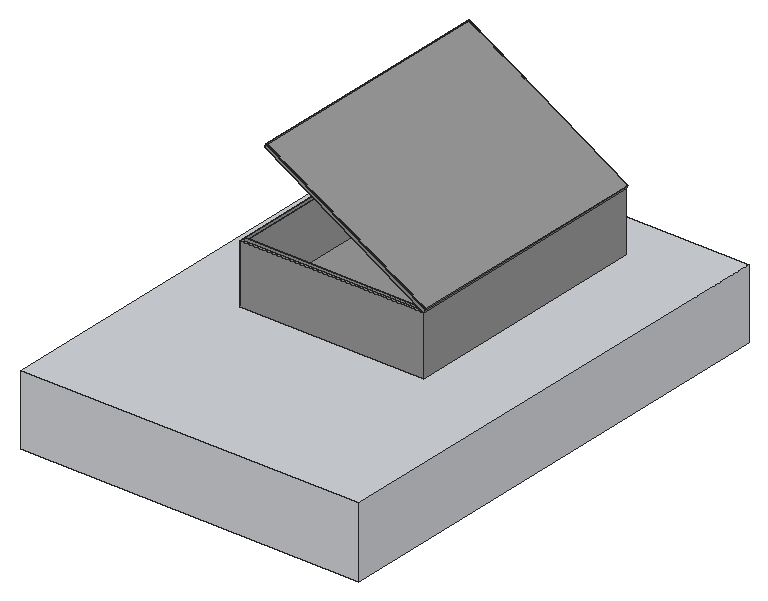
Revit family "Hager-Univers-IP55-D275-H1100-Cl.I-Steel_encl-CH-en", category Equipement électrique, Revit 2020
Family settings
  Hôte = Face
  Configuration du panneau = Deux colonnes, circuits au sein
  Cote de connecteur circulaire = Utiliser le diamètre
  Type d'élément = Tableau de raccordement
  Couper avec des vides une fois chargée = Non
  Partagée = Non
  Point de calcul de pièce = Non
Parameters (values of type "Surface mounted (plaster) IP55 W800 H1100 D275  - FR73E")
  Width Control [instance] = if([EF000008 - Width] > Min Width, [EF000008 - Width], Min Width)  # 800 mm
  Commentaires du type = [HG000003 - Range]  # "Univers"
  Thickness Door [instance] = if([EF009171 - Material plate thickness door/cover] > 3 mm, 3 mm, [EF009171 - Material plate thickness door/cover])  # 1.5 mm
  Seal Frame Offset [instance] = 17 mm  # constant formula
  Plinth Visibility [instance] = [HG000027 - Plinth height] > 0 mm  # no
  Model = ""
  Min Width [instance] = 100 mm  # constant formula
  Min Height [instance] = 100 mm  # constant formula
  Min Depth [instance] = (2 * [EF009170 - Material plate thickness cabinet]) + 1 mm  # 4 mm
  Internal Frame Depth [instance] = (Door System Depth * 0.5)  # 9 mm
  Height Control [instance] = if([EF000040 - Height] > Min Height, [EF000040 - Height], Min Height)  # 1100 mm
  HG000027 - Plinth height = 0 mm
  HG000026 - Floor standing = no
  HG000024 - Bottom section height = 800 mm
  HG000023 - Double section enclosure = no
  HG000016 - Door 3d visibility [instance] = yes
  HG000015 - Clearance visibility [instance] = no
  HG000014 - Door on the right [instance] = yes
  HG000013 - Door on the left [instance] = not([HG000014 - Door on the right])  # no
  HG000012 - Door swing angle [instance] = 30.00°
  HG000010 - Asymmetric doors = no
  HG000009 - Double swing door = no
  HG000006 - Flush mounted = no
  HG000004 - Manufacturer reference = "FR73E"
  HG000003 - Range = "Univers"
  HG000002 - With door or cover = yes
  Frame Offset Bottom [instance] = 10 mm  # constant formula
  Frame Offset [instance] = 15 mm  # constant formula
  EF015940 - Cover with overpressure release = no
  EF011959 - Degree of protection (NEMA) = ""
  EF009554 - Number of openings for flange plates = 6
  EF009212 - Cover model = "EV000116 - Closed"
  EF009171 - Material plate thickness door/cover = 1.5 mm
  EF009170 - Material plate thickness cabinet = 1.5 mm
  Fabricant = "Hager"  # constant formula
  EF008873 - Nominal current (In) = 800 A
  EF007800 - Suitable for lightning protection = no
  EF006306 - With lock = no
  EF006244 - Transparent cover/door = no
  EF005474 - Degree of protection (IP) = "EV006420 - IP55"
  EF004464 - Type of door = "EV002646 - Single"
  EF004427 - Number of modules = 252
  EF004293 - Impact strength = "EV008784 - IK10"
  EF003532 - Suitable for outdoor use = no
  EF002950 - Width in number of modular spacings = 24
  EF001613 - Circuit integrity = "EV000494 - None"
  EF001596 - Material housing = "EV000179 - Steel"
  EF001131 - Internal depth = 275 mm
  EF001088 - Extension possible = yes
  EF000437 - Number of conduit inlets = 6
  EF000339 - Type of cover = "EV004216 - Door"
  EF000266 - Number of rows = 7
  EF000218 - Built-in depth = 0 mm
  EF000118 - With mounting plate = no
  EF000116 - RAL-number = "7035"
  EF000049 - Depth = 275 mm
  EF000040 - Height = 1100 mm
  EF000008 - Width = 800 mm
  EF000007 - Colour = "EV000270 - Grey"
  EF000003 - Mounting method = "EV000384 - Surface mounted (plaster)"
  Door System Leaf Tolerance [instance] = 1.5 mm  # constant formula
  Door System Depth [instance] = 18 mm  # constant formula
  Door Height [instance] = Height Control - [HG000027 - Plinth height]  # 1100 mm
  Depth Control [instance] = if([EF000049 - Depth] > Min Depth, [EF000049 - Depth], Min Depth)  # 275 mm
  Default Elevation = 0 mm
  Connector Offset [instance] = Height Control / 2  # 550 mm
  Bottom Top Plate Trim [instance] = 1.5 mm  # constant formula
  Plinth height Ctrl [instance] = if([HG000027 - Plinth height] > 0 mm, [HG000027 - Plinth height], 12 mm)  # 12 mm
Types (5, lengths in mm): name | Width Control | HG000010 - Asymmetric doors | HG000009 - Double swing door | HG000004 - Manufacturer reference | EF009554 - Number of openings for flange plates | EF004464 - Type of door | EF004427 - Number of modules | EF000437 - Number of conduit inlets | EF000008 - Width
  Surface mounted (plaster) IP55 W1050 H1100 D275  - FR74E | 1050 | no | yes | "FR74E" | 8 | "EV003602 - Double" | 336 | 8 | 1050
  Surface mounted (plaster) IP55 W1300 H1100 D275  - FR75E | 1300 | yes | yes | "FR75E" | 10 | "EV003602 - Double" | 420 | 10 | 1300
  Surface mounted (plaster) IP55 W300 H1100 D275  - FR71E | 300 | no | no | "FR71E" | 2 | "EV002646 - Single" | 84 | 2 | 300
  Surface mounted (plaster) IP55 W550 H1100 D275  - FR72E | 550 | no | no | "FR72E" | 4 | "EV002646 - Single" | 168 | 4 | 550
  Surface mounted (plaster) IP55 W800 H1100 D275  - FR73E | 800 | no | no | "FR73E" | 6 | "EV002646 - Single" | 252 | 6 | 800
Reference planes
  plane 1 "Center (Front/Back)": y = 0
  plane 2: z = 0
  plane 3 "Center (Left/Right)": x = 0
  plane 4: z = 275
  plane 5: y = 1.5
  plane 6: y = 550
  plane 7: y = 0
  plane 8: y = 1100
  plane 9: z = 0
  plane 10: x = -385
  plane 11: x = 385
  plane 12: x = 383.5
  plane 13: x = -383.5
  plane 14: y = 1098.5
  plane 15: x = -383
  plane 16: x = -400
  plane 17: x = 383
  plane 18: x = 400
  plane 19: x = 398.5
  plane 20: x = -398.5
  plane 21: y = 11.5
  plane 22: y = 1100
  plane 23: y = 1083.5
  plane 24: z = 257
  plane 25: z = 1.5
  plane 26: z = 255.5
  plane 27: z = 273.5
Forms (mm)
  Extrusion 1, solid
    sketch origin (0, 0, 0) x (1, 0, 0) y (0, 1, 0)
      loop
        line (-702.964, 1305) -> (-702.964, -811.445) -> (766.763, -811.445) -> (766.763, 1305) -> (-702.964, 1305)
    from 0 to -304.8
  Extrusion 2, solid, material "Hager_Steel_RAL7035_Light_Grey", visible <- "Plinth Visibility", detail levels medium+fine
    sketch origin (0, 0, 0) x (1, 0, 0) y (0, 1, 0)
      loop
        line (-400, 0) -> (400, 0) -> (400, 12) -> (-400, 12) -> (-400, 0)
    from 0 to 257
  Extrusion 3, solid, material "Hager_Steel_RAL7035_Light_Grey", detail levels medium+fine
    sketch origin (0, 0, 0) x (1, 0, 0) y (0, 1, 0)
      loop
        line (-400, 0) -> (400, 0) -> (400, 1100) -> (-400, 1100) -> (-400, 0)
    from 0 to 257
  Extrusion 4, void
    sketch origin (0, 0, 0) x (1, 0, 0) y (0, 1, 0)
      loop
        line (-398.5, 1.5) -> (398.5, 1.5) -> (398.5, 1098.5) -> (-398.5, 1098.5) -> (-398.5, 1.5)
    from 1.5 to 255.5
  Extrusion 5, void
    sketch origin (-381.607, -4572, 257) x (0, -1, 0) y (-1, 0, 0)
      loop
        line (-4583.5, 1.893) -> (-5655.5, 1.893) -> (-5655.5, -765.107) -> (-4583.5, -765.107) -> (-4583.5, 1.893)
    from 0 to 1.5 <- "EF009170 - Material plate thickness cabinet"
  Extrusion 6, solid, material "Hager_Steel_RAL7035_Light_Grey", detail levels fine
    sketch origin (0, 0, 257) x (1, 0, 0) y (0, 1, 0)
      loop
        line (-383.5, 1083.5) -> (-383.5, 11.5) -> (383.5, 11.5) -> (383.5, 1083.5) -> (-383.5, 1083.5)
      loop
        line (-385, 10) -> (385, 10) -> (385, 1085) -> (-385, 1085) -> (-385, 10)
    from 0 to 9 <- "Internal Frame Depth"
  Extrusion 7, solid, material "Hager_Steel_RAL7035_Light_Grey", detail levels coarse
    sketch origin (0, 0, 0) x (1, 0, 0) y (0, 1, 0)
      loop
        line (-400, 0) -> (400, 0) -> (400, 1100) -> (-400, 1100) -> (-400, 0)
    from 0 to 275
  Sweep 8, void
    path in 3D
      loop
        line (-400, 12, 0) -> (400, 12, 0) -> (400, 12, 257) -> (-400, 12, 257) -> (-400, 12, 0)
    profile origin (-400, 12, 128.5) x (-1, 0, 0) y (0, -1, 0)
      loop
        line (0, 0) -> (0, 1.5) -> (-1.5, 1.5)
        arc (-1.5, 1.5) -> (-1.061, 0.439) -> (0, 0) r 1.5
Cuts and joins
  Extrusion 4, Extrusion 5 cuts Extrusion 3
  Sweep 8 cuts Extrusion 2
Lines and regions (mm)
  Masking region 1
    outline origin (0, 0, 0) x (1, 0, 0) y (0, 0, 1)
      loop
        line (-400, 275) -> (-400, 0) -> (400, 0) -> (400, 275) -> (-400, 275)
  Masking region 2, detail levels medium+fine
    outline origin (0, 140, 0) x (0, 1, 0) y (0, 0, 1)
      loop
        line (-140, 0) -> (960, 0) -> (960, 257) -> (-140, 257) -> (-140, 0)
  Masking region 3, not visible, detail levels medium+fine
    outline origin (0, 297.922, 0) x (0, 1, 0) y (0, 0, 1)
      loop
        line (263.578, 0) -> (303.578, 0) -> (303.578, 263.5)
        arc (303.578, 263.5) -> (300.649, 270.571) -> (293.578, 273.5) r 10
        line (293.578, 273.5) -> (263.578, 273.5) -> (263.578, 0)
  Masking region 4, detail levels coarse
    outline origin (0, 0, 180) x (0, 1, 0) y (0, 0, 1)
      loop
        line (0, -180) -> (1100, -180) -> (1100, 95) -> (0, 95) -> (0, -180)
  Masking region 5, visible <- "Plinth Visibility", detail levels medium+fine
    outline origin (0, 52.24, 12.345) x (0, 0, -1) y (0, 1, 0)
      loop
        line (10.845, -40.24) -> (-243.155, -40.24)
        arc (-243.155, -40.24) -> (-243.594, -41.301) -> (-244.655, -41.74) r 1.5
        line (-244.655, -41.74) -> (-244.655, -52.24) -> (12.345, -52.24) -> (12.345, -41.74)
        arc (12.345, -41.74) -> (11.285, -41.301) -> (10.845, -40.24) r 1.5
  Masking region 6, detail levels medium+fine
    outline origin (-381.607, -4572, 257) x (-1, 0, 0) y (0, -1, 0)
      loop
        line (18.393, -5672) -> (18.393, -4572) -> (-781.607, -4572) -> (-781.607, -5672) -> (18.393, -5672)
  Masking region 7, visible <- "Plinth Visibility", detail levels medium+fine
    outline origin (-381.607, -4727, 257) x (-1, 0, 0) y (0, -1, 0)
      loop
        arc (16.893, -4739) -> (17.332, -4737.939) -> (18.393, -4737.5) r 1.5
        line (18.393, -4737.5) -> (18.393, -4727) -> (-781.607, -4727) -> (-781.607, -4737.5)
        arc (-781.607, -4737.5) -> (-780.546, -4737.939) -> (-780.107, -4739) r 1.5
        line (-780.107, -4739) -> (16.893, -4739)
  Masking region 8, detail levels coarse
    outline origin (-442.548, -4669.526, 257) x (-1, 0, 0) y (0, -1, 0)
      loop
        line (-42.548, -5769.526) -> (-42.548, -4669.526) -> (-842.548, -4669.526) -> (-842.548, -5769.526) -> (-42.548, -5769.526)
  sketch lines
    curve 1: line (-400, 12, 257) -> (-400, 12, 0)
    curve 2: line (400, 12, 257) -> (-400, 12, 257)
    curve 3: line (400, 12, 257) -> (400, 12, 0)
    curve 4: line (-400, 12, 0) -> (400, 12, 0)
Dimensions and locks
  "Depth Control": plane 4 to Extrusion 1
  "HG000027 - Plinth height": plane 1 "Center (Front/Back)" to plane 7
  "EF009170 - Material plate thickness cabinet": plane 5 to plane 7
  locked: connector elem to plane 3 "Center (Left/Right)"
  equal spacing: plane 8, plane 6, plane 7
  locked: connector elem to plane 6
  "EF009170 - Material plate thickness cabinet": plane 8 to plane 14
  "EF009170 - Material plate thickness cabinet": plane 10 to plane 13
  "EF009170 - Material plate thickness cabinet": plane 12 to plane 11
  "Frame Offset": plane 20 to plane 13
  "Frame Offset": plane 12 to plane 19
  "EF009170 - Material plate thickness cabinet": plane 16 to plane 20
  "EF009170 - Material plate thickness cabinet": plane 19 to plane 18
  "Seal Frame Offset": plane 16 to plane 15
  "Seal Frame Offset": plane 17 to plane 18
  "Frame Offset Bottom": plane 21 to plane 5
  "Frame Offset": plane 14 to plane 23
  equal spacing: plane 16, plane 3 "Center (Left/Right)", plane 18
  "Width Control": plane 16 to plane 18
  "EF009170 - Material plate thickness cabinet": plane 4 to plane 27
  "EF009170 - Material plate thickness cabinet": plane 24 to plane 26
  "EF009170 - Material plate thickness cabinet": plane 25 to level
  "Door System Depth": plane 4 to plane 24
  "Height Control": plane 1 "Center (Front/Back)" to Extrusion 7 sketch curve
  "Height Control": Masking region 4 sketch curve to plane 1 "Center (Front/Back)"
  "Height Control": plane 1 "Center (Front/Back)" to plane 22
  "Bottom Top Plate Trim": profile plane to Sweep 8 sketch curve
  "Bottom Top Plate Trim": Sweep 8 sketch curve to profile plane
  "Plinth height Ctrl": plane 1 "Center (Front/Back)" to Extrusion 2 sketch curve
  "Plinth height Ctrl": Masking region 5 sketch curve to plane 1 "Center (Front/Back)"
  "Plinth height Ctrl": plane 1 "Center (Front/Back)" to Masking region 7 sketch curve
  "Thickness Door": Extrusion 6 sketch curve to Extrusion 6 sketch curve  (x3)
  "Thickness Door": cut or joined group of Extrusion 3, Extrusion 4, Extrusion 5 to Extrusion 6 sketch curve
  radius of Masking region 3 sketch curve = 10 mm
  "Bottom Top Plate Trim": radius of Masking region 5 sketch curve  (x2)
  "Bottom Top Plate Trim": radius of Sweep 8 sketch curve
  "Bottom Top Plate Trim": radius of Masking region 7 sketch curve  (x2)
  aligned and locked: plane 2 to Extrusion 1
  aligned and locked: level to Extrusion 1
  aligned and locked: level to Masking region 1 sketch curve
  aligned and locked: Masking region 1 sketch curve to plane 18
  aligned and locked: Masking region 1 sketch curve to plane 16
  aligned and locked: plane 7 to Masking region 2 sketch curve
  aligned and locked: level to Masking region 3 sketch curve
  aligned and locked: Masking region 3 sketch curve to plane 27
  aligned and locked: level to Masking region 2 sketch curve
  aligned and locked: plane 1 "Center (Front/Back)" to Extrusion 2 sketch curve
  aligned and locked: Extrusion 3 sketch curve to plane 7
  aligned and locked: plane 16 to Extrusion 3 sketch curve
  aligned and locked: plane 18 to Extrusion 3 sketch curve
  aligned and locked: plane 20 to Extrusion 4 sketch curve
  aligned and locked: plane 19 to Extrusion 4 sketch curve
  aligned and locked: Extrusion 4 sketch curve to plane 5
  aligned and locked: Extrusion 4 to plane 25
  aligned and locked: plane 26 to Extrusion 4
  aligned and locked: plane 24 to Extrusion 3
  aligned and locked: Extrusion 5 sketch curve to plane 21
  aligned and locked: Extrusion 5 sketch curve to plane 13
  aligned and locked: Extrusion 5 sketch curve to plane 12
  aligned and locked: plane 18 to Extrusion 7 sketch curve
  aligned and locked: plane 1 "Center (Front/Back)" to Extrusion 7 sketch curve
  aligned and locked: plane 16 to Extrusion 7 sketch curve
  aligned and locked: plane 4 to Extrusion 7
  aligned and locked: Extrusion 7 to level
  aligned and locked: level to Masking region 4 sketch curve
  aligned and locked: Masking region 4 sketch curve to plane 1 "Center (Front/Back)"
  aligned and locked: Masking region 4 sketch curve to plane 4
  aligned and locked: nested 1 to level
  aligned and locked: nested 1 to plane 16
  aligned and locked: plane 8 to Extrusion 3 sketch curve
  aligned and locked: plane 23 to Extrusion 5 sketch curve
  aligned and locked: plane 14 to Extrusion 4 sketch curve
  aligned and locked: Masking region 2 sketch curve to plane 8
  aligned and locked: level to Masking region 5 sketch curve
  aligned and locked: plane 16 to Extrusion 2 sketch curve
  aligned and locked: plane 18 to Extrusion 2 sketch curve
  aligned and locked: Masking region 5 sketch curve to plane 24
  aligned and locked: Masking region 2 sketch curve to plane 24
  aligned and locked: plane 24 to Extrusion 2
  aligned and locked: profile plane to Sweep 8 sketch curve  (x2)
  aligned and locked: Masking region 6 sketch curve to plane 18
  aligned and locked: Masking region 6 sketch curve to plane 22
  aligned and locked: Masking region 6 sketch curve to plane 16
  aligned and locked: plane 8 to plane 22
  aligned and locked: Masking region 6 sketch curve to plane 7
  aligned and locked: Masking region 7 sketch curve to plane 16
  aligned and locked: Masking region 7 sketch curve to plane 1 "Center (Front/Back)"
  aligned and locked: Masking region 7 sketch curve to plane 18
  aligned and locked: Masking region 8 sketch curve to plane 1 "Center (Front/Back)"
  aligned and locked: Masking region 8 sketch curve to plane 18
  aligned and locked: Masking region 8 sketch curve to plane 22
  aligned and locked: Masking region 8 sketch curve to plane 16
  aligned and locked: nested 2 to plane 7
  aligned and locked: plane 3 "Center (Left/Right)" to nested 2
  aligned and locked: nested 2 to plane 24
  aligned and locked: Extrusion 6 sketch curve to cut or joined group of Extrusion 3, Extrusion 4, Extrusion 5  (x4)
Automatic sketch dimensions
  Extrusion 1 sketch curve to Extrusion 1 sketch curve = 1469.727 mm
  Extrusion 1 sketch curve to Extrusion 1 sketch curve = 2116.445 mm
  Masking region 1 sketch curve to plane 4 = 0 mm
  plane 6 to Masking region 3 sketch curve = 11.5 mm
  Masking region 3 sketch curve to Masking region 3 sketch curve = 30 mm
  Masking region 5 sketch curve to plane 1 "Center (Front/Back)" = 0 mm
Nested families
  nested 1: "Hager_Enclosure_Symbol" at (-400, 0, 0) x (1, 0, 0) z (0, -1, 0), Height <- "Depth Control", Width <- "Width Control", type "Hager_Enclosure_Symbol"
    with Width_Ctrl 800 mm, Width 800 mm, Height_Ctrl 275 mm, Height 275 mm, A_Width_Int 18.047 mm, A_Width 216.562 mm, A_Height_Ctrl 240.625 mm, A_Height 240.625 mm
  nested 2: "EC000058_Univers_Door" at (0, 0, 257) x (1, 0, 0) z (0, 1, 0), Leaf_Tolerance <- "Door System Leaf Tolerance", Angle <- "HG000012 - Door swing angle", Door_Depth <- "Door System Depth", Door_Left <- "HG000013 - Door on the left", Transparent <- "EF006244 - Transparent cover/door", Assymetrical <- "HG000010 - Asymmetric doors", Width <- "Width Control", Clearance <- "HG000015 - Clearance visibility", Double <- "HG000009 - Double swing door", 3d_Door <- "HG000016 - Door 3d visibility", Lock_Visibility <- "EF006306 - With lock", Width_Ctrl <- "Width Control", Door_Right <- "HG000014 - Door on the right", Door <- "HG000002 - With door or cover", Height <- "Door Height", Thickness <- "Thickness Door", type "EC000058_Univers_Door", detail levels medium+fine
    with min_wh 4 mm, Width_Ctrl 800 mm, Width 800 mm, Transparent no, Thickness 1.5 mm, Seal_Material Hager_Rubber, Lock_Visibility no, Lock_Material Hager_Plastic_RAL9005_Jet_Black, Leaf_Width 800 mm, Leaf_Tolerance_External_Sides 0 mm, Leaf_Tolerance 1.5 mm, Leaf_Offset 0 mm, Leaf_Height 1097 mm, Leaf_2_Width 800 mm, Leaf_2_Offset 400 mm, Leaf_1_Width 800 mm, Leaf_1_Offset 400 mm, Height_Ctrl 1100 mm, Height 1100 mm, Glass_Material Hager_Glass, Double_Clearance_Ctrl no, Double no, Door_Right_Ctrl yes, Door_Right yes, Door_Material Hager_Steel_RAL7035_Light_Grey, Door_Left_Ctrl no, Door_Left no, Door_Depth 18 mm, Door yes, Clearance_Material Hager_Clearance, Clearance_Depth 800 mm, Clearance_Ctrl no, Clearance no, Assymetrical no, Angle 30.00°, 3d_Door yes
Connectors
  electrical at (0, 550, 0)
    settings: on plane 9, index 1, voltage 0 V, apparent load 0 VA, apparent load phase1 0 VA, apparent load phase2 0 VA, apparent load phase3 0 VA, power factor 1, load classification "Other", number of poles 1, system type 30, power factor state 1, is connector primary yes, connector utility no, sub classification motor no, connector description ""
Definition of nested family "EC000058_Univers_Door"
  Parameters (values of type "EC000058_Univers_Door")
    min_wh [instance] = (2 * Thickness) + 1 mm  # 11 mm
    Width_Ctrl [instance] = 400 mm
    Width [instance] = 500 mm
    Transparent [instance] = yes
    Thickness [instance] = 5 mm
    Seal_Material [instance] = none
    Lock_Visibility [instance] = yes
    Lock_Material [instance] = none
    Leaf_Width [instance] = if((Width_Ctrl - 2 * Leaf_Tolerance_External_Sides) > 0 mm, (Width_Ctrl - 2 * Leaf_Tolerance_External_Sides), min_wh)  # 400 mm
    Leaf_Tolerance_External_Sides [instance] = 0 mm  # constant formula
    Leaf_Tolerance [instance] = 1.5 mm
    Leaf_Offset [instance] = 0 mm  # constant formula
    Leaf_Height [instance] = if((Height_Ctrl - 2 * Leaf_Tolerance) > 0 mm, (Height_Ctrl - 2 * Leaf_Tolerance), min_wh)  # 497 mm
    Leaf_2_Width [instance] = if(and(and(Double, Assymetrical), Door_Left), (Leaf_Width / 3) - (Leaf_Tolerance / 2), if(and(and(Double, Assymetrical), Door_Right), (Leaf_Width / 3) * 2 - (Leaf_Tolerance / 2), if(and(Double, not(Assymetrical)), (Leaf_Width / 2) - Leaf_Tolerance, Leaf_Width)))  # 400 mm
    Leaf_2_Offset [instance] = if(and(Double, Assymetrical), Leaf_2_Width / 2, if(and(Double, not(Assymetrical)), Leaf_Width / 4, Leaf_Width / 2))  # 200 mm
    Leaf_1_Width [instance] = if(and(and(Double, Assymetrical), Door_Right), (Leaf_Width / 3) - (Leaf_Tolerance / 2), if(and(and(Double, Assymetrical), Door_Left), (Width / 3) * 2 - (Leaf_Tolerance / 2), if(and(Double, not(Assymetrical)), (Leaf_Width / 2) - Leaf_Tolerance, Leaf_Width)))  # 400 mm
    Leaf_1_Offset [instance] = if(and(Double, Assymetrical), Leaf_1_Width / 2, if(and(Double, not(Assymetrical)), Leaf_Width / 4, Leaf_Width / 2))  # 200 mm
    Height_Ctrl [instance] = if(Height > min_wh, Height, min_wh)  # 500 mm
    Height [instance] = 500 mm
    Glass_Material [instance] = none
    Double_Clearance_Ctrl [instance] = and(Double, Clearance)  # no
    Double [instance] = no
    Door_Right_Ctrl [instance] = and(or(Door_Right, Double), Door)  # yes
    Door_Right [instance] = yes
    Door_Material [instance] = none
    Door_Left_Ctrl [instance] = and(or(Door_Left, Double), Door)  # no
    Door_Left [instance] = no
    Door_Depth [instance] = 30 mm
    Door [instance] = yes
    Default Elevation = 1219.2 mm
    Clearance_Material [instance] = none
    Clearance_Depth [instance] = if(Leaf_1_Width > Leaf_2_Width, Leaf_1_Width, Leaf_2_Width)  # 400 mm
    Clearance_Ctrl [instance] = and(not(Double), Clearance)  # yes
    Clearance [instance] = yes
    Assymetrical [instance] = yes
    Angle [instance] = 30.00°
    3d_Door [instance] = yes
  Reference planes
    plane 1 "Center (Front/Back)": y = 0
    plane 2 "Bottom": z = 0
    plane 3 "Center (Left/Right)": x = 0
    plane 4: z = 500
    plane 5: x = -200
    plane 6: x = 200
    plane 7: z = 500
    plane 8: x = -200
    plane 9: z = 0
    plane 10: x = 200
    plane 11: y = 0
    plane 12: z = 1.5
    plane 13: x = -600
    plane 14: y = -400
    plane 15: x = 600
    plane 16: x = 0
    plane 17: x = 0
    plane 18: x = -200
    plane 19: x = 200
    plane 20: z = 498.5
  Forms (mm)
    Extrusion 1, solid, material <- "Clearance_Material", visible <- "Double_Clearance_Ctrl"
      sketch origin (1200, 0, 0) x (1, 0, 0) y (0, 0, -1)
        loop
          line (-1800, -498.5) -> (-600, -498.5) -> (-600, 0) -> (-1800, 0) -> (-1800, -498.5)
      from 0 to -400
  Dimensions and locks
    equal spacing: plane 5, plane 3 "Center (Left/Right)", plane 6
    "Width_Ctrl": plane 5 to plane 6
    "Leaf_Offset": plane 5 to plane 8
    "Leaf_Offset": plane 6 to plane 10
    "Leaf_Offset": plane 9 to level
    "Leaf_Offset": plane 4 to plane 7
    "Height_Ctrl": plane 4 to level
    "Leaf_Tolerance": plane 12 to plane 9
    locked: plane 11 to plane 1 "Center (Front/Back)"
    "Leaf_1_Offset": plane 18 to plane 16
    "Leaf_2_Offset": plane 17 to plane 19
    "Leaf_1_Width": plane 13 to plane 8
    "Leaf_2_Width": plane 10 to plane 15
    "Clearance_Depth": plane 14 to plane 1 "Center (Front/Back)"
    "Leaf_Tolerance_External_Sides": plane 8 to plane 18
    "Leaf_Tolerance_External_Sides": plane 19 to plane 10
    "Leaf_Tolerance": plane 7 to plane 20
    aligned and locked: level to plane 2 "Bottom"
    aligned and locked: nested 1 to plane 16
    aligned and locked: nested 2 to plane 17
    aligned and locked: Extrusion 1 to plane 13
    aligned and locked: plane 15 to Extrusion 1
    aligned and locked: Extrusion 1 to plane 14
    aligned and locked: plane 12 to nested 1
    aligned and locked: nested 2 to plane 12
    aligned and locked: Extrusion 1 to plane 11
    aligned and locked: plane 20 to Extrusion 1
    aligned and locked: nested 2 to plane 11
    aligned and locked: nested 1 to plane 11
  Automatic sketch dimensions
    Extrusion 1 sketch curve to level = 0 mm
    plane 5 to Extrusion 1 sketch curve = 400 mm
    plane 6 to Extrusion 1 sketch curve = 400 mm
    Extrusion 1 sketch curve to plane 4 = 1.5 mm
  Nested families
    nested 1: "EC000058_Univers_Door_Leaf" at (0, 0, 1.5), Width <- "Leaf_1_Width", visible <- "Door_Left_Ctrl", Leaf_Height <- "Leaf_Height", Angle <- "Angle", 3d_Door <- "3d_Door", Transparent <- "Transparent", Clearance Material <- "Clearance_Material", Clearance <- "Clearance_Ctrl", Door_Material <- "Door_Material", Glass_Material <- "Glass_Material", Door_Depth <- "Door_Depth", Lock_Material <- "Lock_Material", Seal_Material <- "Seal_Material", Lock_Visibility <- "Lock_Visibility", Thickness <- "Thickness", type "EC000058_Univers_Door_Leaf"
      with Width 400 mm, Transparent_Glass_Offset 30 mm, Transparent_Ctrl yes, Transparent yes, Thickness 5 mm, Standard no, Seal_Material none, Seal_D2 8 mm, Seal_D1 1 mm, Offset_Internal_Frame 10 mm, Lock_Width 20 mm, Lock_Visibility_3d yes, Lock_Visibility yes, Lock_Thickness_3 3 mm, Lock_Thickness_2 1 mm, Lock_Thickness_1 3 mm, Lock_Radius_Offset_2 16 mm, Lock_Radius_Offset_1 15 mm, Lock_Radius_2 5 mm, Lock_Radius 6 mm, Lock_Offset 5 mm, Lock_Material none, Lock_Height 80 mm, Lock_Cover_Top_Offset_2d 17 mm, Lock_Cover_Height -65 mm, Leaf_Height 497 mm, Internal_Seal_Thickness 8 mm, Internal_Seal_Depth_2 4.5 mm, Internal_Frame_Depth 25 mm, Glass_Thickness -1 mm, Glass_Offset -2 mm, Glass_Material none, Door_Material none, Door_Depth 30 mm, Clearance Material none, Clearance yes, Angle_Ctrl 30.00°, Angle 30.00°, 3d_Door yes
    nested 2: "EC000058_Univers_Door_Leaf" at (0, 0, 1.5) x (-1, 0, 0) z (0, 0, 1), Width <- "Leaf_2_Width", visible <- "Door_Right_Ctrl", Leaf_Height <- "Leaf_Height", Angle <- "Angle", 3d_Door <- "3d_Door", Transparent <- "Transparent", Clearance Material <- "Clearance_Material", Clearance <- "Clearance_Ctrl", Door_Material <- "Door_Material", Glass_Material <- "Glass_Material", Door_Depth <- "Door_Depth", Lock_Material <- "Lock_Material", Seal_Material <- "Seal_Material", Lock_Visibility <- "Lock_Visibility", Thickness <- "Thickness", type "EC000058_Univers_Door_Leaf"
      with Width 400 mm, Transparent_Glass_Offset 30 mm, Transparent_Ctrl yes, Transparent yes, Thickness 5 mm, Standard no, Seal_Material none, Seal_D2 8 mm, Seal_D1 1 mm, Offset_Internal_Frame 10 mm, Lock_Width 20 mm, Lock_Visibility_3d yes, Lock_Visibility yes, Lock_Thickness_3 3 mm, Lock_Thickness_2 1 mm, Lock_Thickness_1 3 mm, Lock_Radius_Offset_2 16 mm, Lock_Radius_Offset_1 15 mm, Lock_Radius_2 5 mm, Lock_Radius 6 mm, Lock_Offset 5 mm, Lock_Material none, Lock_Height 80 mm, Lock_Cover_Top_Offset_2d 17 mm, Lock_Cover_Height -65 mm, Leaf_Height 497 mm, Internal_Seal_Thickness 8 mm, Internal_Seal_Depth_2 4.5 mm, Internal_Frame_Depth 25 mm, Glass_Thickness -1 mm, Glass_Offset -2 mm, Glass_Material none, Door_Material none, Door_Depth 30 mm, Clearance Material none, Clearance yes, Angle_Ctrl 30.00°, Angle 30.00°, 3d_Door yes
  Definition of nested family "EC000058_Univers_Door_Leaf"
    Parameters (values of type "EC000058_Univers_Door_Leaf")
      Width [instance] = 2000 mm
      Transparent_Glass_Offset [instance] = 30 mm
      Transparent_Ctrl [instance] = and(Transparent, [3d_Door])  # yes
      Transparent [instance] = yes
      Thickness [instance] = 5 mm
      Standard [instance] = and(not(Transparent), [3d_Door])  # no
      Seal_Material [instance] = none
      Seal_D2 [instance] = 8 mm  # constant formula
      Seal_D1 [instance] = 1 mm  # constant formula
      Offset_Internal_Frame [instance] = 10 mm  # constant formula
      Lock_Width [instance] = 20 mm  # constant formula
      Lock_Visibility_3d [instance] = and(Lock_Visibility, [3d_Door])  # yes
      Lock_Visibility [instance] = yes
      Lock_Thickness_3 [instance] = 3 mm  # constant formula
      Lock_Thickness_2 [instance] = 1 mm  # constant formula
      Lock_Thickness_1 [instance] = 3 mm  # constant formula
      Lock_Radius_Offset_2 [instance] = Lock_Radius_Offset_1 + 1 mm  # 16 mm
      Lock_Radius_Offset_1 [instance] = 15 mm  # constant formula
      Lock_Radius_2 [instance] = Lock_Radius - 1 mm  # 5 mm
      Lock_Radius [instance] = 6 mm  # constant formula
      Lock_Offset [instance] = 5 mm  # constant formula
      Lock_Material [instance] = none
      Lock_Height [instance] = 80 mm  # constant formula
      Lock_Cover_Top_Offset_2d [instance] = Lock_Radius_Offset_2 + 1 mm  # 17 mm
      Lock_Cover_Height [instance] = -(Lock_Height - Lock_Radius_Offset_1)  # -65 mm
      Leaf_Height [instance] = 2720.336 mm
      Internal_Seal_Thickness [instance] = 8 mm  # constant formula
      Internal_Seal_Depth_2 [instance] = 4.5 mm  # constant formula
      Internal_Frame_Depth [instance] = if(Door_Depth - Thickness > 5 mm, Door_Depth - Thickness, 5 mm)  # 25 mm
      Glass_Thickness [instance] = if(Thickness > 15 mm, Glass_Offset + 10 mm, -1 mm)  # -1 mm
      Glass_Offset [instance] = if(Thickness > 15 mm, -(Thickness + 10 mm) / 2, -2 mm)  # -2 mm
      Glass_Material [instance] = none
      Door_Material [instance] = none
      Door_Depth [instance] = 30 mm
      Default Elevation = 0 mm
      Clearance Material [instance] = none
      Clearance [instance] = yes
      Angle_Ctrl [instance] = if(Angle > 180.00°, 180.00°, Angle)  # 90.00°
      Angle [instance] = 90.00°
      3d_Door [instance] = yes
    Reference planes
      plane 1 "Center (Front/Back)": y = 0
      plane 2: z = 0
      plane 3 "Center (Left/Right)": x = 0
      plane 4: y = 2000
      plane 5: x = -1000
      plane 6: x = 1000
      plane 7: x = -3000
      plane 8: z = 2720.336
      plane 9: z = 30
      plane 10: z = 2690.336
      plane 11: x = 970
      plane 12: x = -970
      plane 13: y = -3
      plane 14: z = 107.833
      plane 15: y = -5
      plane 16: y = -223.314
      plane 17: x = -1000
      plane 18: z = 1360.168
      plane 19: y = 30
    Forms (mm)
      Extrusion 1, solid, material <- "Clearance Material", visible <- "Clearance"
        sketch origin (0, 0, 0) x (1, 0, 0) y (0, 0, 1)
          loop
            line (-3000, 2720.336) -> (-3000, 0) -> (1000, 0) -> (1000, 2720.336) -> (-3000, 2720.336)
        from 0 to -2000
      Extrusion 2, solid, material <- "Door_Material", visible <- "Standard", detail levels medium+fine
        sketch origin (-1000, 0, 0) x (0, 1, 0) y (-1, 0, 0)
          loop
            line (0, 30) -> (0, 25) -> (2000, 25) -> (2000, 30) -> (0, 30)
        from 0 to 2720.336 <- "Leaf_Height"
      Extrusion 3, solid, material <- "Door_Material", visible <- "Transparent_Ctrl", detail levels medium+fine
        sketch origin (-1000, 0, 0) x (0, 1, 0) y (-1, 0, 0)
          loop
            line (0, 25) -> (2000, 25) -> (2000, 30) -> (0, 30) -> (0, 25)
        from 0 to 2720.336 <- "Leaf_Height"
      Extrusion 4, void
        sketch origin (-1025, 2000, 0) x (0, 1, 0) y (0, 0, -1)
          loop
            line (-30, -2690.336) -> (-30, -30) -> (-1970, -30) -> (-1970, -2690.336) -> (-30, -2690.336)
        from 0 to 5 <- "Thickness"
      Sweep 5, solid, material <- "Seal_Material", visible <- "Transparent_Ctrl", detail levels fine
        path in 3D
          loop
            line (-1025, 30, 30) -> (-1025, 30, 2690.336) -> (-1025, 1970, 2690.336) -> (-1025, 1970, 30) -> (-1025, 30, 30)
        profile origin (-1025, 1000, 30) x (1, 0, 0) y (0, 0, 1)
          loop
            line (0, 0) -> (0, -8) -> (1, -8) -> (1, 0) -> (0, 0)
      Extrusion 6, solid, material <- "Glass_Material", visible <- "Transparent_Ctrl", detail levels medium+fine
        sketch origin (-1030, 0, 0) x (0, 1, 0) y (0, 0, -1)
          loop
            line (1970, -2690.336) -> (1970, -30) -> (30, -30) -> (30, -2690.336) -> (1970, -2690.336)
        from -2 <- "Glass_Offset" to -1 <- "Glass_Thickness"
      Extrusion 7, solid, material <- "Door_Material", visible <- "3d_Door", detail levels medium+fine
        sketch origin (-1025, 2000, 0) x (0, -1, 0) y (0, 0, -1)
          loop
            line (0, -2720.336) -> (2000, -2720.336) -> (2000, 0) -> (0, 0) -> (0, -2720.336)
          loop
            line (1995, -5) -> (5, -5) -> (5, -2715.336) -> (1995, -2715.336) -> (1995, -5)
        from 0 to 25 <- "Internal_Frame_Depth"
      Sweep 8, solid, material <- "Seal_Material", visible <- "Transparent_Ctrl", detail levels fine
        path in 3D
          loop
            line (-1025, 0, 0) -> (-1025, 2000, 0) -> (-1025, 2000, 2720.336) -> (-1025, 0, 2720.336) -> (-1025, 0, 0)
        profile origin (-1025, 0, 1360.168) x (1, 0, 0) y (0, 1, 0)
          loop
            line (0, 10) -> (2.975, 10)
            arc (2.975, 10) -> (4.053, 10.447) -> (4.5, 11.525) r 1.525
            line (4.5, 11.525) -> (4.5, 16.527)
            arc (4.5, 16.527) -> (4.069, 17.569) -> (3.027, 18) r 1.473
            line (3.027, 18) -> (0, 18) -> (0, 10)
      Extrusion 9, solid, material <- "Lock_Material", visible <- "Lock_Visibility_3d", detail levels fine
        sketch origin (-1030, 0, 0) x (0, 1, 0) y (0, 0, -1)
          loop
            arc (1993.5, -1400.168) -> (1994.561, -1399.729) -> (1995, -1398.668) r 1.5
            line (1995, -1398.668) -> (1995, -1320.168) -> (1975, -1320.168) -> (1975, -1398.668)
            arc (1975, -1398.668) -> (1975.439, -1399.729) -> (1976.5, -1400.168) r 1.5
            line (1976.5, -1400.168) -> (1993.5, -1400.168)
        from 3 <- "Lock_Thickness_1" to 0
      Blend 10, solid, material <- "Lock_Material", visible <- "Lock_Visibility_3d", detail levels fine
        base sketch origin (-1033, 0, 0) x (0, 1, 0) y (0, 0, -1)
          loop
            line (1975, -1320.168) -> (1975, -1398.668)
            arc (1975, -1398.668) -> (1975.439, -1399.729) -> (1976.5, -1400.168) r 1.5
            line (1976.5, -1400.168) -> (1993.5, -1400.168)
            arc (1993.5, -1400.168) -> (1994.561, -1399.729) -> (1995, -1398.668) r 1.5
            line (1995, -1398.668) -> (1995, -1320.168) -> (1975, -1320.168)
        top sketch origin (-1033, 0, 0) x (0, 1, 0) y (0, 0, -1)
          loop
            line (1976, -1320.168) -> (1976, -1398.668)
            arc (1976, -1398.668) -> (1976.146, -1399.022) -> (1976.5, -1399.168) r 0.5
            line (1976.5, -1399.168) -> (1993.5, -1399.168)
            arc (1993.5, -1399.168) -> (1993.854, -1399.022) -> (1994, -1398.668) r 0.5
            line (1994, -1398.668) -> (1994, -1320.168) -> (1976, -1320.168)
        from 0 to 1 <- "Lock_Thickness_2"
      Blend 11, solid, material <- "Lock_Material", visible <- "Lock_Visibility_3d", detail levels fine
        base sketch origin (-1034, 0, 0) x (0, 1, 0) y (0, 0, -1)
          loop
            line (1978, -1320.168) -> (1978, -1384.168)
            arc (1978, -1384.168) -> (1985, -1391.168) -> (1992, -1384.168) r 7
            line (1992, -1384.168) -> (1992, -1320.168) -> (1978, -1320.168)
        top sketch origin (-1034, 0, 0) x (0, 1, 0) y (0, 0, -1)
          loop
            line (1991, -1320.168) -> (1979, -1320.168) -> (1979, -1383.168)
            arc (1979, -1383.168) -> (1985, -1389.168) -> (1991, -1383.168) r 6
            line (1991, -1383.168) -> (1991, -1320.168)
        from 0 to 3 <- "Lock_Thickness_3"
      Extrusion 12, solid, material <- "Lock_Material", visible <- "Lock_Visibility_3d", detail levels fine
        sketch origin (-1030, 1975, 1320.168) x (1, 0, 0) y (0, -1, 0)
          loop
            line (-7, -19) -> (-7, -1) -> (0, -1) -> (0, 0) -> (-8, 0) -> (-8, -20) -> (0, -20) -> (0, -19) -> (-7, -19)
        from 0 to -65 <- "Lock_Cover_Height"
      Extrusion 13, void
        sketch origin (-1038, 1995, 1320.168) x (-1, 0, 0) y (0, 0, -1)
          loop
            line (-5, -65) -> (0, -65) -> (-5, -60) -> (-5, -65)
        from 0 to 20 <- "Lock_Width"
      Extrusion 14, void
        sketch origin (-1038, 1975, 1320.168) x (0, -1, 0) y (0, 0, -1)
          loop
            circle (-10, -15.995) r 6
          loop
            circle (-10, -15.995) r 5
        from 0 to 2
      Extrusion 15, solid, material <- "Lock_Material", visible <- "Lock_Visibility_3d", detail levels medium
        sketch origin (-1030, 0, 0) x (0, 1, 0) y (0, 0, -1)
          loop
            arc (1993.5, -1400.168) -> (1994.561, -1399.729) -> (1995, -1398.668) r 1.5
            line (1995, -1398.668) -> (1995, -1320.168) -> (1975, -1320.168) -> (1975, -1398.668)
            arc (1975, -1398.668) -> (1975.439, -1399.729) -> (1976.5, -1400.168) r 1.5
            line (1976.5, -1400.168) -> (1993.5, -1400.168)
        from 8 to 0
    Cuts and joins
      Extrusion 4 cuts Extrusion 3
      Extrusion 13, Extrusion 14 cuts Extrusion 9
      Extrusion 14 cuts Blend 11
      Extrusion 13, Extrusion 14 cuts Extrusion 12
      joined: Extrusion 9, Blend 10, Blend 11, Extrusion 12
      Extrusion 14 cuts Extrusion 15
    Lines and regions (mm)
      Masking region 1, visible <- "Lock_Visibility", detail levels fine
        outline origin (0, 0, 0) x (0, 1, 0) y (0, 0, 1)
          loop
            line (30, 1320.168) -> (33, 1320.168) -> (33, 1400.168) -> (30, 1400.168) -> (30, 1320.168)
      Masking region 2, visible <- "Lock_Visibility", detail levels fine
        outline origin (0, 3.143, 0) x (0, 1, 0) y (0, 0, 1)
          loop
            line (29.857, 1354.168) -> (30.857, 1354.168) -> (30.857, 1366.168) -> (29.857, 1366.168) -> (29.857, 1354.168)
      Masking region 3, detail levels medium+fine
        outline origin (0, 0, 0) x (0, 1, 0) y (0, 0, 1)
          loop
            line (0, 0) -> (30, 0) -> (30, 2720.336) -> (0, 2720.336) -> (0, 0)
      Masking region 4, detail levels medium+fine
        outline origin (0, 0, 0) x (1, 0, 0) y (0, 0, 1)
          loop
            line (-1000, 2720.336) -> (-1000, 0) -> (1000, 0) -> (1000, 2720.336) -> (-1000, 2720.336)
      Masking region 5, visible <- "Lock_Visibility", detail levels fine
        outline origin (-47.116, 0, 0) x (1, 0, 0) y (0, 0, 1)
          loop
            arc (1024.616, 1399.168) -> (1023.556, 1398.729) -> (1023.116, 1397.668) r 1.5
            line (1023.116, 1397.668) -> (1023.116, 1320.168) -> (1041.116, 1320.168) -> (1041.116, 1397.668)
            arc (1041.116, 1397.668) -> (1040.677, 1398.729) -> (1039.616, 1399.168) r 1.5
            line (1039.616, 1399.168) -> (1024.616, 1399.168)
      Masking region 6, visible <- "Lock_Visibility", detail levels medium+fine
        outline origin (-25, 0, 0) x (1, 0, 0) y (0, 0, 1)
          loop
            arc (1001.5, 1400.168) -> (1000.439, 1399.729) -> (1000, 1398.668) r 1.5
            line (1000, 1398.668) -> (1000, 1320.168) -> (1020, 1320.168) -> (1020, 1398.668)
            arc (1020, 1398.668) -> (1019.561, 1399.729) -> (1018.5, 1400.168) r 1.5
            line (1018.5, 1400.168) -> (1001.5, 1400.168)
      Masking region 7, visible <- "Lock_Visibility", detail levels fine
        outline origin (-73.735, 0, 0) x (1, 0, 0) y (0, 0, 1)
          loop
            line (1051.735, 1382.168) -> (1065.735, 1382.168) -> (1065.735, 1384.168)
            arc (1065.735, 1384.168) -> (1058.735, 1391.168) -> (1051.735, 1384.168) r 7
            line (1051.735, 1384.168) -> (1051.735, 1382.168)
      Masking region 8, visible <- "Lock_Visibility", detail levels fine
        outline origin (-73.735, 0, 0) x (1, 0, 0) y (0, 0, 1)
          loop
            line (1052.735, 1382.168) -> (1064.735, 1382.168) -> (1064.735, 1383.168)
            arc (1064.735, 1383.168) -> (1058.735, 1389.168) -> (1052.735, 1383.168) r 6
            line (1052.735, 1383.168) -> (1052.735, 1382.168)
      Masking region 9, visible <- "Lock_Visibility", detail levels fine
        outline origin (-25, 0, 0) x (1, 0, 0) y (0, 0, 1)
          loop
            line (1020, 1320.168) -> (1020, 1382.168) -> (1000, 1382.168) -> (1000, 1320.168) -> (1020, 1320.168)
      Masking region 10, detail levels medium+fine
        outline origin (0, 0, 0) x (1, 0, 0) y (0, 0, 1)
          loop
            circle (985, 1335.144) r 6
      Masking region 11, detail levels fine
        outline origin (0, 0, 0) x (1, 0, 0) y (0, 0, 1)
          loop
            circle (985, 1335.144) r 5
      Masking region 12, visible <- "Lock_Visibility", detail levels fine
        outline origin (0, 12.767, 0) x (0, 1, 0) y (0, 0, 1)
          loop
            line (20.233, 1320.168) -> (21.233, 1320.168) -> (21.233, 1399.168) -> (20.233, 1400.168) -> (20.233, 1320.168)
      Masking region 13, visible <- "Lock_Visibility", detail levels fine
        outline origin (0, 13.767, -10) x (0, 1, 0) y (0, 0, 1)
          loop
            line (20.233, 1330.168) -> (23.233, 1330.168) -> (23.233, 1399.168) -> (20.233, 1402.168) -> (20.233, 1330.168)
      Masking region 14, visible <- "Lock_Visibility", detail levels fine
        outline origin (0, 12.767, -10) x (0, 1, 0) y (0, 0, 1)
          loop
            line (20.233, 1330.168) -> (25.233, 1330.168) -> (25.233, 1399.305) -> (20.233, 1394.305) -> (20.233, 1330.168)
      Masking region 15, visible <- "Lock_Visibility", detail levels medium
        outline origin (0, 0, 0) x (0, 1, 0) y (0, 0, 1)
          loop
            line (30, 1320.168) -> (38, 1320.168) -> (38, 1400.168) -> (30, 1400.168) -> (30, 1320.168)
      Masking region 16, visible <- "Lock_Visibility", detail levels fine
        outline origin (-1000, 0, 0) x (0, 1, 0) y (-1, 0, 0)
          loop
            line (1975, 30) -> (1995, 30) -> (1995, 38) -> (1975, 38) -> (1975, 30)
          loop
            line (1979, 37) -> (1976, 37) -> (1976, 34) -> (1978, 34) -> (1979, 37)
          loop
            line (1994, 37) -> (1991, 37) -> (1992, 34) -> (1994, 34) -> (1994, 37)
      Masking region 17, visible <- "Lock_Visibility", detail levels medium
        outline origin (-1000, 0, 0) x (0, 1, 0) y (-1, 0, 0)
          loop
            line (1975, 30) -> (1995, 30) -> (1995, 38) -> (1975, 38) -> (1975, 30)
      symbolic lines
        curve 1: line (1000, 0, 0) -> (-3000, 0, 0)
        curve 2: arc (1000, 0, 0) -> (-1000, 2000, 0) -> (-3000, 0, 0) r 2000
        curve 4: line (-1030, 0, 0) -> (-1030, 2000, 0)
      reference lines
        curve 3: line (-1000, 0, 0) -> (-1000, 2000, 0)
      symbolic lines, detail levels medium+fine
        curve 5: line (-1030, 2000, 0) -> (-1025, 2000, 0)
        curve 7: line (-1025, 0, 0) -> (-1030, 0, 0)
        curve 8: line (-1025, 0, 0) -> (-1000, 0, 0)
        curve 9: line (-1000, 0, 0) -> (-1000, 2000, 0)
        curve 10: line (-1000, 2000, 0) -> (-1025, 2000, 0)
      symbolic lines, detail levels fine
        curve 6: line (-1025, 2000, 0) -> (-1025, 0, 0)
      sketch lines
        curve 11: line (-1025, 0, 2720.336) -> (-1025, 0, 0)
        curve 12: line (-1025, 2000, 0) -> (-1025, 0, 0)
        curve 13: line (-1025, 2000, 2720.336) -> (-1025, 2000, 0)
        curve 14: line (-1025, 0, 2720.336) -> (-1025, 2000, 2720.336)
        curve 15: line (-1025, 1970, 30) -> (-1025, 30, 30)
        curve 16: line (-1025, 30, 30) -> (-1025, 30, 2690.336)
        curve 17: line (-1025, 1970, 2690.336) -> (-1025, 1970, 30)
        curve 18: line (-1025, 30, 2690.336) -> (-1025, 1970, 2690.336)
      symbolic lines, visible <- "Transparent", detail levels medium+fine
        curve 19: line (-970, 0, 2690.336) -> (970, 0, 2690.336)
        curve 20: line (-970, 0, 30) -> (-970, 0, 2690.336)
        curve 21: line (970, 0, 30) -> (-970, 0, 30)
        curve 22: line (970, 0, 2690.336) -> (970, 0, 30)
    Dimensions and locks
      "Width": plane 1 "Center (Front/Back)" to plane 4
      equal spacing: plane 5, plane 3 "Center (Left/Right)", plane 6
      "Width": plane 5 to plane 6
      "Width": plane 7 to plane 5
      "Leaf_Height": plane 8 to level
      "Width": curve 5 to curve 3
      "Width": curve 3 to curve 3
      plane 8 to plane 10 = 30 mm
      plane 9 to level = 30 mm
      plane 12 to plane 5 = 30 mm
      plane 6 to plane 11 = 30 mm
      Extrusion 1 to Extrusion 4 sketch curve = 30 mm
      "Transparent_Glass_Offset": curve 3 to Extrusion 4 sketch curve
      "Transparent_Glass_Offset": Extrusion 4 sketch curve to cut or joined group of Extrusion 3, Extrusion 4  (x2)
      cut or joined group of Extrusion 3, Extrusion 4 to Extrusion 6 sketch curve = 30 mm
      "Transparent_Glass_Offset": cut or joined group of Extrusion 3, Extrusion 4 to Extrusion 4 sketch curve
      "Thickness": curve 6 to curve 4
      "Thickness": Extrusion 7 sketch curve to Extrusion 7 sketch curve  (x4)
      "Door_Depth": curve 4 to curve 3
      "Offset_Internal_Frame": profile plane to Sweep 8 sketch curve
      "Internal_Seal_Thickness": Sweep 8 sketch curve to Sweep 8 sketch curve
      "Internal_Seal_Depth_2": profile plane to Sweep 8 sketch curve
      "Seal_D1": profile plane to Sweep 5 sketch curve
      "Seal_D2": profile plane to Sweep 5 sketch curve
      "Thickness": Extrusion 2 sketch curve to Extrusion 2 sketch curve
      equal spacing: Extrusion 9 sketch curve, plane 18, Extrusion 9 sketch curve  (x2)
      equal spacing: Masking region 1 sketch curve, plane 18, Masking region 1 sketch curve
      "Lock_Height": Masking region 1 sketch curve to Masking region 1 sketch curve
      "Lock_Radius": Masking region 2 sketch curve to plane 18 to Masking region 2 sketch curve
      Masking region 2 sketch curve to Masking region 1 = 1 mm
      "Door_Depth": plane 19 to plane 1 "Center (Front/Back)"
      "Lock_Thickness_1": Masking region 1 sketch curve to plane 19
      "Lock_Width": Extrusion 9 sketch curve to Extrusion 9 sketch curve
      "Lock_Height": Extrusion 9 sketch curve to Extrusion 9 sketch curve
      "Lock_Offset": cut or joined group of Extrusion 3, Extrusion 4 to Extrusion 9 sketch curve
      equal spacing: plane 8, plane 18, level
      "Lock_Radius_Offset_1": Blend 11 sketch curve to Blend 10
      locked: Blend 10 to Blend 11 sketch curve at 2  (x2)
      locked: var sketch to Blend 11 sketch curve at 1  (x2)
      "Lock_Radius_Offset_2": Blend 11 sketch curve to Blend 10
      locked: Extrusion 12 sketch curve to Extrusion 12 sketch curve at 1  (x3)
      Masking region 6 sketch curve to Masking region 6 sketch curve = 80 mm
      "Lock_Height": Masking region 6 sketch curve to Masking region 6 sketch curve
      "Lock_Width": Masking region 6 sketch curve to Masking region 6 sketch curve
      locked: Masking region 6 to Masking region 5 sketch curve at 1  (x3)
      locked: Masking region 5 to Masking region 7 sketch curve at 2  (x2)
      "Lock_Radius_Offset_1": Masking region 5 to Masking region 7 sketch curve
      "Lock_Radius_Offset_2": Masking region 5 to Masking region 8 sketch curve
      locked: Masking region 7 to Masking region 8 sketch curve at 1  (x2)
      "Lock_Cover_Top_Offset_2d": Masking region 5 to Masking region 9 sketch curve
      equal spacing: Masking region 9, Masking region 10 sketch curve, Masking region 9
      equal spacing: Masking region 9, Masking region 11 sketch curve, Masking region 9
      Extrusion 15 sketch curve to Extrusion 15 sketch curve = 80 mm
      "Lock_Width": Extrusion 15 sketch curve to Extrusion 15 sketch curve
      "Lock_Height": Extrusion 15 sketch curve to Extrusion 15 sketch curve
      equal spacing: Extrusion 15 sketch curve, plane 18, Extrusion 15 sketch curve
      "Lock_Thickness_3": Masking region 13 sketch curve to Masking region 13 sketch curve
      "Lock_Height": Masking region 12 sketch curve to Masking region 12 sketch curve
      locked: Masking region 13 sketch curve to Masking region 1 at 8
      locked: Masking region 14 sketch curve to Masking region 13 at 1
      locked: Masking region 14 sketch curve to Masking region 1 at 10.863
      "Lock_Height": Masking region 15 sketch curve to Masking region 15 sketch curve
      "Lock_Offset": Extrusion 15 sketch curve to cut or joined group of Extrusion 3, Extrusion 4
      "Lock_Offset": plane 6 to Masking region 6 sketch curve
      radius of Sweep 8 sketch curve = 1.525 mm
      radius of Sweep 8 sketch curve = 1.473 mm
      radius of Extrusion 9 sketch curve = 1.5 mm  (x2)
      "Lock_Radius": radius of Extrusion 14 sketch curve
      "Lock_Radius_2": radius of Extrusion 14 sketch curve
      "Lock_Radius": radius of Masking region 10 sketch curve
      "Lock_Radius_2": radius of Masking region 11 sketch curve
      radius of Extrusion 15 sketch curve = 1.5 mm  (x2)
      "Angle_Ctrl": angle plane 1 "Center (Front/Back)" to curve 3
      locked: Masking region 12 sketch curve to Masking region 12 sketch curve (angle 45.00°)
      locked: Masking region 13 sketch curve to Masking region 13 sketch curve (angle 45.00°)
      locked: Masking region 14 sketch curve to Masking region 14 sketch curve (angle 45.00°)
      aligned and locked: level to plane 2
      aligned and locked: Extrusion 1 to curve 1
      aligned and locked: plane 6 to Extrusion 1
      aligned and locked: Extrusion 1 to plane 1 "Center (Front/Back)"
      aligned and locked: plane 4 to Extrusion 1
      aligned and locked: plane 8 to Extrusion 1
      aligned and locked: curve 7 to Extrusion 2 sketch curve
      aligned and locked: curve 5 to Extrusion 2 sketch curve
      aligned and locked: curve 7 to Extrusion 3 sketch curve
      aligned and locked: Extrusion 3 sketch curve to curve 4
      aligned and locked: Extrusion 3 sketch curve to curve 6
      aligned and locked: Extrusion 3 sketch curve to curve 5
      aligned and locked: curve 9 to curve 3
      aligned and locked: Extrusion 7 sketch curve to cut or joined group of Extrusion 3, Extrusion 4  (x4)
      aligned and locked: plane 17 to curve 3
      aligned and locked: plane 1 "Center (Front/Back)" to curve 3
      aligned and locked: plane 17 to plane 5
      aligned and locked: Sweep 8 sketch curve to profile plane
      aligned and locked: Sweep 5 sketch curve to profile plane  (x2)
      aligned and locked: Masking region 1 to Masking region 2 sketch curve
      aligned and locked: plane 19 to Masking region 1 sketch curve
      aligned and locked: plane 1 "Center (Front/Back)" to Masking region 3 sketch curve
      aligned and locked: plane 19 to Masking region 3 sketch curve
      aligned and locked: level to Masking region 3 sketch curve
      aligned and locked: Masking region 3 sketch curve to plane 8
      aligned and locked: plane 17 to Masking region 4 sketch curve
      aligned and locked: level to Masking region 4 sketch curve
      aligned and locked: Masking region 4 sketch curve to plane 8
      aligned and locked: plane 12 to curve 20
      aligned and locked: plane 10 to curve 19
      aligned and locked: plane 11 to curve 22
      aligned and locked: curve 21 to plane 9
      aligned and locked: Extrusion 2 sketch curve to cut or joined group of Extrusion 3, Extrusion 4
      aligned and locked: Blend 10 sketch curve to Extrusion 9  (x4)
      aligned and locked: Extrusion 9 to Blend 10 sketch curve
      aligned and locked: Blend 10 to Blend 11 sketch curve
      aligned and locked: Extrusion 12 sketch curve to Blend 11
      aligned and locked: Extrusion 12 sketch curve to Extrusion 9  (x4)
      aligned and locked: Masking region 5 sketch curve to Masking region 6
      aligned and locked: Masking region 9 sketch curve to Masking region 6  (x3)
      aligned and locked: Masking region 12 sketch curve to Masking region 1
      aligned and locked: Masking region 13 sketch curve to Masking region 1
      aligned and locked: Masking region 12 to Masking region 14
      aligned and locked: Masking region 14 sketch curve to Masking region 1
      aligned and locked: Masking region 15 sketch curve to Masking region 14
      aligned and locked: Masking region 13 sketch curve to Masking region 12
      aligned and locked: Masking region 16 sketch curve to cut or joined group of Extrusion 14, Extrusion 15  (x4)
      aligned and locked: Masking region 16 sketch curve to cut or joined group of Extrusion 9, Blend 10, Blend 11, Extrusion 12, Extrusion 13, Extrusion 14  (x6)
      aligned and locked: cut or joined group of Extrusion 9, Blend 10, Blend 11, Extrusion 12, Extrusion 13, Extrusion 14 to Masking region 16 sketch curve
      aligned and locked: Masking region 17 sketch curve to cut or joined group of Extrusion 14, Extrusion 15  (x3)
      aligned and locked: Masking region 17 sketch curve to cut or joined group of Extrusion 9, Blend 10, Blend 11, Extrusion 12, Extrusion 13, Extrusion 14
      aligned and locked: Masking region 9 to Masking region 8 sketch curve
      aligned and locked: Masking region 9 to Masking region 7 sketch curve
    Automatic sketch dimensions
      plane 1 "Center (Front/Back)" to curve 2 = 0 mm
      curve 2 to plane 5 = 0 mm
      Extrusion 1 sketch curve to level = 0 mm
      Extrusion 1 sketch curve to plane 7 = 0 mm
      Extrusion 1 sketch curve to plane 6 = 0 mm
      Extrusion 1 sketch curve to plane 8 = 0 mm
      Extrusion 3 to Extrusion 6 sketch curve = 30 mm  (x4)
      Masking region 4 sketch curve to plane 6 = 0 mm
      Blend 10 sketch curve to Extrusion 9 = 1.5 mm
      Blend 10 sketch curve to Extrusion 9 = 1 mm
      Extrusion 13 sketch curve to Extrusion 12 = 0 mm  (x2)
      Extrusion 12 to Extrusion 13 sketch curve = 3 mm
      Extrusion 13 sketch curve to Extrusion 12 = 5 mm
      Extrusion 14 sketch curve to Extrusion 14 sketch curve = 0 mm  (x2)
      Extrusion 14 sketch curve to Extrusion 12 = 10 mm
      Extrusion 14 sketch curve to Extrusion 12 = 15.995 mm
      Masking region 5 sketch curve to Masking region 5 sketch curve = 1.5 mm  (x2)
      Masking region 10 sketch curve to plane 18 = 25.024 mm
      Masking region 11 sketch curve to plane 18 = 25.024 mm
      plane 19 to Masking region 14 sketch curve = 3 mm
      Masking region 16 sketch curve to Masking region 16 sketch curve = 3 mm
      curve 4 to curve 3 = 0 mm
      Blend 10 to Blend 11 sketch curve = 0 mm
      Masking region 6 sketch curve to Masking region 6 sketch curve = 1.5 mm  (x2)
      Masking region 6 sketch curve to plane 18 = 40 mm
      plane 19 to Masking region 12 sketch curve = 3 mm
      Masking region 12 sketch curve to Masking region 12 sketch curve = 1 mm
      Masking region 15 sketch curve to plane 19 = 0 mm
      Masking region 15 sketch curve to plane 18 = 40 mm
      radius of Blend 10 sketch curve to Extrusion 9 = 1 mm
Definition of nested family "Hager_Enclosure_Symbol"
  Parameters (values of type "Hager_Enclosure_Symbol")
    Width_Ctrl [instance] = if(Width > 1 mm, Width, 1 mm)  # 102.27 mm
    Width [instance] = 102.27 mm
    Height_Ctrl [instance] = if(Height > 1 mm, Height, 1 mm)  # 66.5 mm
    A_Width_Int [instance] = if(A_Width / 12 > 2 mm, A_Width / 12, 2 mm)  # 4.364 mm
    A_Width [instance] = if(A_Height_Ctrl * 0.9 > 2 mm, A_Height_Ctrl * 0.9, 2 mm)  # 52.369 mm
    A_Height_Ctrl [instance] = if(A_Height > 2 mm, A_Height, 2 mm)  # 58.188 mm
    Height [instance] = 66.5 mm
    A_Height [instance] = Height - (Height / 8)  # 58.188 mm
  Reference planes
    plane 1 "Centre (avant/arrière)": y = 0
    plane 2: z = 0
    plane 3 "Centre (gauche/droite)": x = 0
    plane 4: x = 52.369
    plane 5: y = 33.042
    plane 6: y = 41.77
    plane 7: y = 66.5
    plane 8: x = 26.184
    plane 9: y = 37.406
    plane 10: x = 102.27
    plane 11: y = 66.5
    plane 12: y = 8.313
  Lines and regions (mm)
    Filled region 1, type "Solid_Black", in view "Niveau de réf."
      outline origin (0, 0, 0) x (1, 0, 0) y (0, 1, 0)
        loop
          line (52.369, 66.5) -> (33.188, 54.536) -> (45.365, 45.006) -> (52.369, 66.5)
    Filled region 2, type "Solid_Black", in view "Niveau de réf."
      outline origin (0, 0, 0) x (1, 0, 0) y (0, 1, 0)
        loop
          line (0, 0) -> (102.27, 0) -> (102.27, 66.5) -> (0, 0)
    detail lines, in view "Niveau de réf."
      curve 1: line (0, 8.313, 0) -> (26.184, 41.77, 0)
      curve 2: line (26.184, 41.77, 0) -> (26.184, 33.042, 0)
      curve 3: line (26.184, 33.042, 0) -> (52.369, 66.5, 0)
  Dimensions and locks
    "A_Width": plane 3 "Centre (gauche/droite)" to plane 4
    equal spacing: plane 3 "Centre (gauche/droite)", plane 8, plane 4
    equal spacing: plane 6, plane 9, plane 5
    equal spacing: curve 3, Filled region 1 sketch curve, Filled region 1 sketch curve
    "Height_Ctrl": plane 1 "Centre (avant/arrière)" to plane 11
    "A_Height_Ctrl": plane 11 to plane 12
    equal spacing: plane 11, plane 9, plane 12
    "A_Width_Int": plane 6 to plane 9
    "Width_Ctrl": plane 3 "Centre (gauche/droite)" to plane 10
    angle Filled region 1 sketch curve to curve 3 = 20.00°
    angle curve 3 to Filled region 1 sketch curve = 20.00°
    locked: curve 3 to Filled region 1 sketch curve (angle 90.00°)
    aligned and locked: plane 10 to Filled region 2
    aligned and locked: plane 11 to Filled region 2 sketch curve
    aligned and locked: plane 10 to Filled region 2 sketch curve
    aligned and locked: plane 3 "Centre (gauche/droite)" to curve 1
    aligned and locked: plane 12 to curve 1
    aligned and locked: plane 7 to plane 11
  Automatic sketch dimensions
    Filled region 1 sketch curve to plane 4 = 0 mm
    Filled region 1 sketch curve to plane 7 = 0 mm
    plane 1 "Centre (avant/arrière)" to Filled region 2 sketch curve = 0 mm
    Filled region 2 sketch curve to plane 3 "Centre (gauche/droite)" = 0 mm
    curve 2 to plane 6 = 0 mm
    curve 2 to plane 8 = 0 mm
    curve 3 to plane 4 = 0 mm
    curve 2 to plane 5 = 0 mm
    curve 3 to plane 7 = 0 mm
